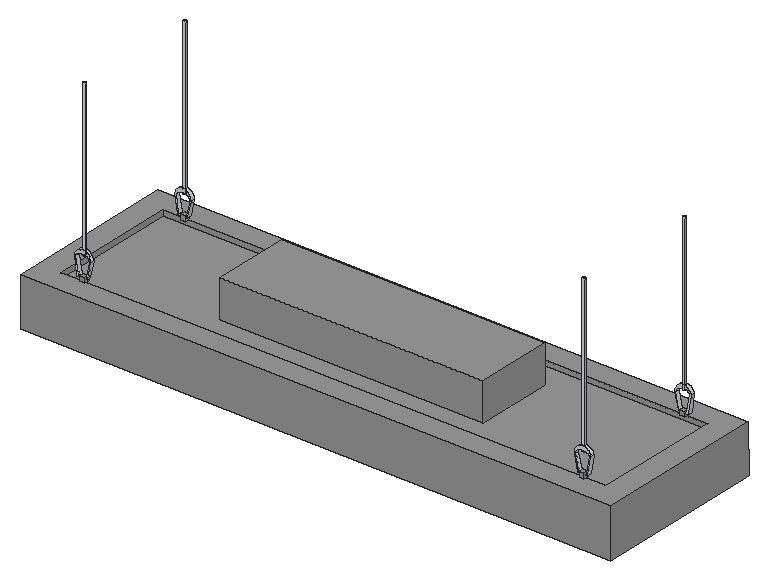
Revit family "HEFTY_4000K_7100LM", category Lighting Fixtures, host Ceiling, Revit 2021
Family settings
  Host = Ceiling
  Round Connector Dimension = Use Diameter
  Part Type = Normal
  OmniClass Number = 23.80.70.11
  OmniClass Title = Luminaries for Internal Lighting
  Always vertical = Yes
  Cut with Voids When Loaded = No
  Light Source = Yes
  Shared = No
  Room Calculation Point = No
Parameters (values of type "Type 1")
  Wattage = 47.7979 W
  built-in parameter 1150110 = 1 (stored number, unit not read)
  Type de lampe = "LED Mid Power"
  Type = "Luminaire industrie"
  built-in parameter 1114217 = 1 (stored number, unit not read)
  Tilt Angle = 90.00°
  Tension = "AC 220-240V"
  built-in parameter 1150109 = 1 (stored number, unit not read)
  built-in parameter 1150134 = 12
  built-in parameter 1150113 = 1 (stored number, unit not read)
  SDCM = "<3"
  Puissance nominale = "49W"
  Poids = "4,5 kg"
  Photometric Web File = "google_eulumdat_converter (6).ies"
  Matériau = "Acier galvanisé blanc"
  Maintien du flux = "L80B10 (50 000 heures)"
  Lumens = 7100 lm
  built-in parameter 1150115 = 1 (stored number, unit not read)
  built-in parameter 1150105 = 565 (stored number, unit not read)
  built-in parameter 1150137 = (empty or 0)
  built-in parameter 1150139 = (empty or 0)
  built-in parameter 1150112 = 1 (stored number, unit not read)
  built-in parameter 1150114 = 1 (stored number, unit not read)
  built-in parameter 1150132 = 2
  built-in parameter 1150102 = (empty or 0)
  built-in parameter 1150138 = (empty or 0)
  built-in parameter 1150107 = 4000 (stored number, unit not read)
  built-in parameter 1150106 = 5.65 (stored number, unit not read)
  IRC = ">80"
  Emit from Rectangle Width = 609.6 mm
  Emit from Rectangle Length = 1219.2 mm
  Emit Shape Visible in Rendering = no
  built-in parameter 1150104 = 13.8 (stored number, unit not read)
  Durée de vie = "50 000 heures"
  Driver = "Driver Osram"
  Dimming Lamp Color Temperature Shift = <None>
  Dimensions = "650x190x90 mm"
  Diffuseur = "Polycarbonate transparent"
  Default Elevation = 0 mm
  Color Filter = 16777215
  built-in parameter 1114218 = 1 (stored number, unit not read)
  built-in parameter 1150133 = 10 (stored number, unit not read)
  Angle d'éclairage = "35°"
Reference planes
  plane 1 "Light Source Axis (F/B)": y = 0
  plane 2: z = 0
  plane 3 "Light Source Axis (L/R)": x = 0
  plane 4 "Ceiling": z = 4000
  plane 5 "Light Source Elevation": z = 3750
Forms (mm)
  Extrusion 1, solid, material "Steel, Galvanized"
    sketch origin (0, 0, 4000) x (0, 1, 0) y (-1, 0, 0)
      loop
        line (95, 325) -> (-95, 325) -> (-95, -325) -> (95, -325) -> (95, 325)
      loop
        line (70, 300) -> (-70, 300) -> (-70, -300) -> (70, -300) -> (70, 300)
    from -250 to -196.102
  Extrusion 2, solid, material "Steel, Galvanized"
    sketch origin (0, 0, 4000) x (0, 1, 0) y (-1, 0, 0)
      loop
        line (70, 300) -> (-70, 300) -> (-70, -300) -> (70, -300) -> (70, 300)
    from -201.474 to -207.22
  Extrusion 3, solid, material "Steel, Galvanized"
    sketch origin (0, 0, 4000) x (0, 1, 0) y (-1, 0, 0)
      loop
        line (71.862, 277.481) -> (66.862, 277.481) -> (66.862, 272.481) -> (71.862, 272.481) -> (71.862, 277.481)
    from -196.102 to -190.59
  Extrusion 4, solid, material "Steel, Galvanized"
    sketch origin (0, 0, 4000) x (0, 1, 0) y (-1, 0, 0)
      loop
        line (43.191, 147.964) -> (-41.809, 147.964) -> (-41.809, -142.036) -> (43.191, -142.036) -> (43.191, 147.964)
    from -207.22 to -160
  Extrusion 5, solid, material "Steel, Galvanized"
    sketch origin (0, 0, 4000) x (0, -1, 0) y (1, 0, 0)
      loop
        line (-71.862, 277.481) -> (-71.862, 272.481) -> (-66.862, 272.481) -> (-66.862, 277.481) -> (-71.862, 277.481)
    from -196.102 to -190.59
  Extrusion 6, solid, material "Steel, Galvanized"
    sketch origin (0, 0, 4000) x (0, -1, 0) y (1, 0, 0)
      loop
        line (71.862, 277.481) -> (66.862, 277.481) -> (66.862, 272.481) -> (71.862, 272.481) -> (71.862, 277.481)
    from -196.102 to -190.59
  Extrusion 7, solid, material "Steel, Galvanized"
    sketch origin (0, 0, 4000) x (0, 1, 0) y (-1, 0, 0)
      loop
        line (-71.862, 277.481) -> (-71.862, 272.481) -> (-66.862, 272.481) -> (-66.862, 277.481) -> (-71.862, 277.481)
    from -196.102 to -190.59
  Extrusion 8, solid
    sketch origin (0, 0, 0) x (1, 0, 0) y (0, 0, 1)
      loop
        line (-273.652, 3806.915) -> (-270.251, 3807.826) -> (-266.484, 3825.549)
        arc (-266.484, 3825.549) -> (-274.506, 3835.045) -> (-284.54, 3827.708) r 9.115
        line (-284.54, 3827.708) -> (-281.412, 3807.954) -> (-276.521, 3806.915) -> (-273.652, 3806.915)
      loop
        line (-274.011, 3807.991) -> (-271.034, 3808.788) -> (-267.537, 3825.237)
        arc (-267.537, 3825.237) -> (-274.423, 3831.527) -> (-282.81, 3827.45) r 8.303
        line (-282.81, 3827.45) -> (-279.848, 3808.744) -> (-276.306, 3807.991) -> (-274.011, 3807.991)
    from 67.418 to 71.074
  Extrusion 9, solid
    sketch origin (0, 0, 0) x (1, 0, 0) y (0, 0, -1)
      loop
        line (-273.652, -3806.915) -> (-276.521, -3806.915) -> (-281.412, -3807.954) -> (-284.54, -3827.708)
        arc (-284.54, -3827.708) -> (-274.506, -3835.045) -> (-266.484, -3825.549) r 9.115
        line (-266.484, -3825.549) -> (-270.251, -3807.826) -> (-273.652, -3806.915)
      loop
        line (-274.011, -3807.991) -> (-276.306, -3807.991) -> (-279.848, -3808.744) -> (-282.81, -3827.45)
        arc (-282.81, -3827.45) -> (-274.423, -3831.527) -> (-267.537, -3825.237) r 8.303
        line (-267.537, -3825.237) -> (-271.034, -3808.788) -> (-274.011, -3807.991)
    from 67.418 to 71.074
  Extrusion 10, solid
    sketch origin (0, 0, 0) x (-1, 0, 0) y (0, 0, 1)
      loop
        line (-273.652, 3806.915) -> (-270.251, 3807.826) -> (-266.484, 3825.549)
        arc (-266.484, 3825.549) -> (-274.506, 3835.045) -> (-284.54, 3827.708) r 9.115
        line (-284.54, 3827.708) -> (-281.412, 3807.954) -> (-276.521, 3806.915) -> (-273.652, 3806.915)
      loop
        line (-274.011, 3807.991) -> (-271.034, 3808.788) -> (-267.537, 3825.237)
        arc (-267.537, 3825.237) -> (-274.423, 3831.527) -> (-282.81, 3827.45) r 8.303
        line (-282.81, 3827.45) -> (-279.848, 3808.744) -> (-276.306, 3807.991) -> (-274.011, 3807.991)
    from 67.418 to 71.074
  Extrusion 11, solid
    sketch origin (0, 0, 0) x (-1, 0, 0) y (0, 0, -1)
      loop
        line (-273.652, -3806.915) -> (-276.521, -3806.915) -> (-281.412, -3807.954) -> (-284.54, -3827.708)
        arc (-284.54, -3827.708) -> (-274.506, -3835.045) -> (-266.484, -3825.549) r 9.115
        line (-266.484, -3825.549) -> (-270.251, -3807.826) -> (-273.652, -3806.915)
      loop
        line (-274.011, -3807.991) -> (-276.306, -3807.991) -> (-279.848, -3808.744) -> (-282.81, -3827.45)
        arc (-282.81, -3827.45) -> (-274.423, -3831.527) -> (-267.537, -3825.237) r 8.303
        line (-267.537, -3825.237) -> (-271.034, -3808.788) -> (-274.011, -3807.991)
    from 67.418 to 71.074
  Extrusion 12, solid, material "Glass, White, High Luminance"
    sketch origin (0, 0, 4000) x (0, 1, 0) y (-1, 0, 0)
      loop
        line (70, 300) -> (-70, 300) -> (-70, -300) -> (70, -300) -> (70, 300)
    from -250 to -245.079
  Extrusion 13, solid
    sketch origin (0, 0, 4000) x (0, 1, 0) y (-1, 0, 0)
      loop
        circle (68.947, 275) r 1.348
    from -170.446 to 0
  Extrusion 14, solid
    sketch origin (0, 0, 4000) x (0, -1, 0) y (1, 0, 0)
      loop
        circle (-68.947, 275) r 1.348
    from -170.446 to 0
  Extrusion 15, solid
    sketch origin (0, 0, 4000) x (0, -1, 0) y (1, 0, 0)
      loop
        circle (68.947, 275) r 1.348
    from -170.446 to 0
  Extrusion 16, solid
    sketch origin (0, 0, 4000) x (0, 1, 0) y (-1, 0, 0)
      loop
        circle (-68.947, 275) r 1.348
    from -170.446 to 0
Lines and regions (mm)
  reference lines
    curve 1: line (0, 0, 4000) -> (325, 0, 4000)
    curve 2: line (0, 0, 4000) -> (-325, 0, 4000)
    curve 3: line (-325, 0, 4000) -> (-325, 95, 4000)
    curve 4: line (-325, 95, 4000) -> (325, 95, 4000)
    curve 5: line (325, 95, 4000) -> (325, -95, 4000)
    curve 6: line (325, -95, 4000) -> (-325, -95, 4000)
    curve 7: line (-325, -95, 4000) -> (-325, 0, 4000)
    curve 8: line (0, 0, 4000) -> (225, 0, 4000)
    curve 9: line (225, 0, 4000) -> (225, -70, 4000)
    curve 10: line (225, -70, 4000) -> (-275, -70, 4000)
    curve 11: line (-275, -70, 4000) -> (-275, 70, 4000)
    curve 12: line (-275, 70, 4000) -> (225, 70, 4000)
    curve 13: line (-325, 0, 4000) -> (-300, 0, 4000)
    curve 14: line (-300, 0, 4000) -> (-300, 5, 4000)
    curve 15: line (325, 0, 4000) -> (300, 0, 4000)
    curve 16: line (0, 0, 3750) -> (0, 0, 3840)
Dimensions and locks
  equal spacing: host sketch curve, plane 3 "Light Source Axis (L/R)", host sketch curve
  equal spacing: host sketch curve, plane 1 "Light Source Axis (F/B)", host sketch curve
  host sketch curve to host sketch curve = 4000 mm  (x2)
  plane 4 "Ceiling" to host ceiling = 0 mm
  aligned and locked: plane 3 "Light Source Axis (L/R)" to imposter light
  aligned and locked: plane 1 "Light Source Axis (F/B)" to imposter light
  aligned and locked: plane 5 "Light Source Elevation" to imposter light
